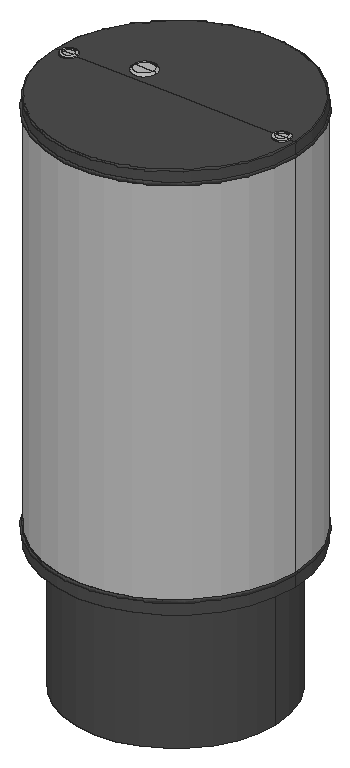
Revit family "Condensing-Storage-Water-Heater-Gas-AO_Smith-TWI-35-130_PN", category Mechanical Equipment, Revit 2014
Reference planes
  plane 1 "Center (Front/Back)": y = 0
  plane 2: z = 0
  plane 3 "Center (Left/Right)": x = 0
Forms (mm)
  Revolve 1, solid, material "RAL 9005"
    sketch origin (0, 0, 0) x (1, 0, 0) y (0, 0, 1)
      loop
        line (0, 1230.694) -> (-277.019, 1230.694)
        arc (-277.019, 1230.694) -> (-278.703, 1229.997) -> (-279.4, 1228.313) r 2.381
        line (-279.4, 1228.313) -> (-279.4, 1206.258)
        arc (-279.4, 1206.258) -> (-282.593, 1203.065) -> (-279.4, 1199.872) r 3.193
        line (-279.4, 1199.872) -> (0, 1199.872) -> (0, 1230.694)
      axis (0, 1230.694) -> (0, 1199.872)
    angle from 0 to 360
  Revolve 2, solid, material "RAL 9005"
    sketch origin (0, 0, 0) x (1, 0, 0) y (0, 0, 1)
      loop
        line (0, 0) -> (0, 336.272) -> (-279.4, 336.272)
        arc (-279.4, 336.272) -> (-282.575, 333.097) -> (-279.4, 329.922) r 3.175
        line (-279.4, 329.922) -> (-279.4, 304.292) -> (-233.686, 304.292) -> (-233.686, 0) -> (0, 0)
      axis (0, 0) -> (0, 336.272)
    angle from 0 to 360
  Revolve 3, solid, material "RAL 9006"
    sketch origin (1.311, 0, 0) x (1, 0, 0) y (0, 0, 1)
      loop
        line (-278.86, 1199.872) -> (-278.86, 336.272) -> (0, 336.272) -> (0, 1199.872) -> (-278.86, 1199.872)
      axis (0, 1199.872) -> (0, 336.272)
    angle from 0 to 360
  Revolve 4, solid, material "RAL 9006"
    sketch origin (9.171, 39.723, 0) x (1, 0, 0) y (0, 0, 1)
      loop
        line (-139.961, 1230.731) -> (-112.873, 1230.731) -> (-112.873, 1233.459) -> (-135.199, 1233.459) -> (-135.199, 1234.795) -> (-139.961, 1230.731)
      axis (-112.873, 1230.731) -> (-112.873, 1234.795)
    angle from 0 to 360
  Revolve 5, solid, material "RAL 9006"
    sketch origin (9.205, 0, -7.788) x (1, 0, 0) y (0, 0, 1)
      loop
        line (-275.142, 1238.255) -> (-256.879, 1238.255) -> (-256.879, 1239.995) -> (-269.736, 1239.995) -> (-269.736, 1241.119) -> (-275.142, 1239.957) -> (-275.142, 1238.255)
      axis (-256.879, 1238.255) -> (-256.879, 1241.119)
    angle from 0 to 360
  Revolve 6, solid, material "RAL 9006"
    sketch origin (-9.205, 0, -7.788) x (-1, 0, 0) y (0, 0, 1)
      loop
        line (-275.142, 1238.255) -> (-256.879, 1238.255) -> (-256.879, 1239.995) -> (-269.736, 1239.995) -> (-269.736, 1241.119) -> (-275.142, 1239.957) -> (-275.142, 1238.255)
      axis (-256.879, 1238.255) -> (-256.879, 1241.119)
    angle from 0 to 360
  Extrusion 7, void
    sketch origin (9.207, 15.57, 145.168) x (-0.573576, -0.819152, 0) y (0, 0, 1)
      loop
        circle (0, 0) r 35
    from 191.954 to 319.17
  Extrusion 8, void
    sketch origin (167.828, 263.467, 23) x (0.939586, -0.342314, 0) y (0, 0, 1)
      loop
        arc (-60, 20) -> (-62.5, 17.5) -> (-60, 15) r 2.5
        line (-60, 15) -> (0, 15)
        arc (0, 15) -> (2.5, 17.5) -> (0, 20) r 2.5
        line (0, 20) -> (-60, 20)
    from 0 to 250
  Extrusion 9, void
    sketch origin (97.359, 289.141, 23) x (0.939586, -0.342314, 0) y (0, 0, 1)
      loop
        arc (-60, 20) -> (-62.5, 17.5) -> (-60, 15) r 2.5
        line (-60, 15) -> (0, 15)
        arc (0, 15) -> (2.5, 17.5) -> (0, 20) r 2.5
        line (0, 20) -> (-60, 20)
    from 0 to 250
  Extrusion 10, void
    sketch origin (167.828, 263.467, 40) x (0.939586, -0.342314, 0) y (0, 0, 1)
      loop
        arc (-60, 20) -> (-62.5, 17.5) -> (-60, 15) r 2.5
        line (-60, 15) -> (0, 15)
        arc (0, 15) -> (2.5, 17.5) -> (0, 20) r 2.5
        line (0, 20) -> (-60, 20)
    from 0 to 250
  Extrusion 11, void
    sketch origin (97.359, 289.141, 40) x (0.939586, -0.342314, 0) y (0, 0, 1)
      loop
        arc (-60, 20) -> (-62.5, 17.5) -> (-60, 15) r 2.5
        line (-60, 15) -> (0, 15)
        arc (0, 15) -> (2.5, 17.5) -> (0, 20) r 2.5
        line (0, 20) -> (-60, 20)
    from 0 to 250
  Extrusion 12, void
    sketch origin (167.828, 263.467, 56.961) x (0.939586, -0.342314, 0) y (0, 0, 1)
      loop
        arc (-60, 20) -> (-62.5, 17.5) -> (-60, 15) r 2.5
        line (-60, 15) -> (0, 15)
        arc (0, 15) -> (2.5, 17.5) -> (0, 20) r 2.5
        line (0, 20) -> (-60, 20)
    from 0 to 250
  Extrusion 13, void
    sketch origin (97.359, 289.141, 56.961) x (0.939586, -0.342314, 0) y (0, 0, 1)
      loop
        arc (-60, 20) -> (-62.5, 17.5) -> (-60, 15) r 2.5
        line (-60, 15) -> (0, 15)
        arc (0, 15) -> (2.5, 17.5) -> (0, 20) r 2.5
        line (0, 20) -> (-60, 20)
    from 0 to 250
  Extrusion 14, void
    sketch origin (167.828, 263.467, 71.961) x (0.939586, -0.342314, 0) y (0, 0, 1)
      loop
        arc (-60, 20) -> (-62.5, 17.5) -> (-60, 15) r 2.5
        line (-60, 15) -> (0, 15)
        arc (0, 15) -> (2.5, 17.5) -> (0, 20) r 2.5
        line (0, 20) -> (-60, 20)
    from 0 to 250
  Extrusion 15, void
    sketch origin (97.359, 289.141, 71.961) x (0.939586, -0.342314, 0) y (0, 0, 1)
      loop
        arc (-60, 20) -> (-62.5, 17.5) -> (-60, 15) r 2.5
        line (-60, 15) -> (0, 15)
        arc (0, 15) -> (2.5, 17.5) -> (0, 20) r 2.5
        line (0, 20) -> (-60, 20)
    from 0 to 250
  Extrusion 16, void
    sketch origin (167.828, 263.467, 86.961) x (0.939586, -0.342314, 0) y (0, 0, 1)
      loop
        arc (-60, 20) -> (-62.5, 17.5) -> (-60, 15) r 2.5
        line (-60, 15) -> (0, 15)
        arc (0, 15) -> (2.5, 17.5) -> (0, 20) r 2.5
        line (0, 20) -> (-60, 20)
    from 0 to 250
  Extrusion 17, void
    sketch origin (97.359, 289.141, 86.961) x (0.939586, -0.342314, 0) y (0, 0, 1)
      loop
        arc (-60, 20) -> (-62.5, 17.5) -> (-60, 15) r 2.5
        line (-60, 15) -> (0, 15)
        arc (0, 15) -> (2.5, 17.5) -> (0, 20) r 2.5
        line (0, 20) -> (-60, 20)
    from 0 to 250
  Extrusion 18, void, not visible
    sketch origin (67.5, 0, 23) x (1, 0, 0) y (0, 0, 1)
      loop
        arc (-60, 20) -> (-62.5, 17.5) -> (-60, 15) r 2.5
        line (-60, 15) -> (0, 15)
        arc (0, 15) -> (2.5, 17.5) -> (0, 20) r 2.5
        line (0, 20) -> (-60, 20)
    from 0 to 250
  Extrusion 19, void, not visible
    sketch origin (-7.5, 0, 23) x (1, 0, 0) y (0, 0, 1)
      loop
        arc (-60, 20) -> (-62.5, 17.5) -> (-60, 15) r 2.5
        line (-60, 15) -> (0, 15)
        arc (0, 15) -> (2.5, 17.5) -> (0, 20) r 2.5
        line (0, 20) -> (-60, 20)
    from 0 to 250
  Extrusion 20, void, not visible
    sketch origin (67.5, 0, 40) x (1, 0, 0) y (0, 0, 1)
      loop
        arc (-60, 20) -> (-62.5, 17.5) -> (-60, 15) r 2.5
        line (-60, 15) -> (0, 15)
        arc (0, 15) -> (2.5, 17.5) -> (0, 20) r 2.5
        line (0, 20) -> (-60, 20)
    from 0 to 250
  Extrusion 21, void, not visible
    sketch origin (-7.5, 0, 40) x (1, 0, 0) y (0, 0, 1)
      loop
        arc (-60, 20) -> (-62.5, 17.5) -> (-60, 15) r 2.5
        line (-60, 15) -> (0, 15)
        arc (0, 15) -> (2.5, 17.5) -> (0, 20) r 2.5
        line (0, 20) -> (-60, 20)
    from 0 to 250
  Extrusion 22, void, not visible
    sketch origin (67.5, 0, 56.961) x (1, 0, 0) y (0, 0, 1)
      loop
        arc (-60, 20) -> (-62.5, 17.5) -> (-60, 15) r 2.5
        line (-60, 15) -> (0, 15)
        arc (0, 15) -> (2.5, 17.5) -> (0, 20) r 2.5
        line (0, 20) -> (-60, 20)
    from 0 to 250
  Extrusion 23, void, not visible
    sketch origin (-7.5, 0, 56.961) x (1, 0, 0) y (0, 0, 1)
      loop
        arc (-60, 20) -> (-62.5, 17.5) -> (-60, 15) r 2.5
        line (-60, 15) -> (0, 15)
        arc (0, 15) -> (2.5, 17.5) -> (0, 20) r 2.5
        line (0, 20) -> (-60, 20)
    from 0 to 250
  Extrusion 24, void, not visible
    sketch origin (67.5, 0, 71.961) x (1, 0, 0) y (0, 0, 1)
      loop
        arc (-60, 20) -> (-62.5, 17.5) -> (-60, 15) r 2.5
        line (-60, 15) -> (0, 15)
        arc (0, 15) -> (2.5, 17.5) -> (0, 20) r 2.5
        line (0, 20) -> (-60, 20)
    from 0 to 250
  Extrusion 25, void, not visible
    sketch origin (-7.5, 0, 71.961) x (1, 0, 0) y (0, 0, 1)
      loop
        arc (-60, 20) -> (-62.5, 17.5) -> (-60, 15) r 2.5
        line (-60, 15) -> (0, 15)
        arc (0, 15) -> (2.5, 17.5) -> (0, 20) r 2.5
        line (0, 20) -> (-60, 20)
    from 0 to 250
  Extrusion 26, void, not visible
    sketch origin (67.5, 0, 86.961) x (1, 0, 0) y (0, 0, 1)
      loop
        arc (-60, 20) -> (-62.5, 17.5) -> (-60, 15) r 2.5
        line (-60, 15) -> (0, 15)
        arc (0, 15) -> (2.5, 17.5) -> (0, 20) r 2.5
        line (0, 20) -> (-60, 20)
    from 0 to 250
  Extrusion 27, void, not visible
    sketch origin (-7.5, 0, 86.961) x (1, 0, 0) y (0, 0, 1)
      loop
        arc (-60, 20) -> (-62.5, 17.5) -> (-60, 15) r 2.5
        line (-60, 15) -> (0, 15)
        arc (0, 15) -> (2.5, 17.5) -> (0, 20) r 2.5
        line (0, 20) -> (-60, 20)
    from 0 to 250
  Extrusion 28, void
    sketch origin (-41.336, 309.633, 193) x (0.939196, 0.343381, 0) y (0, 0, 1)
      loop
        arc (-60, 20) -> (-62.5, 17.5) -> (-60, 15) r 2.5
        line (-60, 15) -> (0, 15)
        arc (0, 15) -> (2.5, 17.5) -> (0, 20) r 2.5
        line (0, 20) -> (-60, 20)
    from 0 to 250
  Extrusion 29, void
    sketch origin (-111.775, 283.879, 193) x (0.939196, 0.343381, 0) y (0, 0, 1)
      loop
        arc (-60, 20) -> (-62.5, 17.5) -> (-60, 15) r 2.5
        line (-60, 15) -> (0, 15)
        arc (0, 15) -> (2.5, 17.5) -> (0, 20) r 2.5
        line (0, 20) -> (-60, 20)
    from 0 to 250
  Extrusion 30, void
    sketch origin (-41.336, 309.633, 210) x (0.939196, 0.343381, 0) y (0, 0, 1)
      loop
        arc (-60, 20) -> (-62.5, 17.5) -> (-60, 15) r 2.5
        line (-60, 15) -> (0, 15)
        arc (0, 15) -> (2.5, 17.5) -> (0, 20) r 2.5
        line (0, 20) -> (-60, 20)
    from 0 to 250
  Extrusion 31, void
    sketch origin (-111.775, 283.879, 210) x (0.939196, 0.343381, 0) y (0, 0, 1)
      loop
        arc (-60, 20) -> (-62.5, 17.5) -> (-60, 15) r 2.5
        line (-60, 15) -> (0, 15)
        arc (0, 15) -> (2.5, 17.5) -> (0, 20) r 2.5
        line (0, 20) -> (-60, 20)
    from 0 to 250
  Extrusion 32, void
    sketch origin (-41.336, 309.633, 226.961) x (0.939196, 0.343381, 0) y (0, 0, 1)
      loop
        arc (-60, 20) -> (-62.5, 17.5) -> (-60, 15) r 2.5
        line (-60, 15) -> (0, 15)
        arc (0, 15) -> (2.5, 17.5) -> (0, 20) r 2.5
        line (0, 20) -> (-60, 20)
    from 0 to 250
  Extrusion 33, void
    sketch origin (-111.775, 283.879, 226.961) x (0.939196, 0.343381, 0) y (0, 0, 1)
      loop
        arc (-60, 20) -> (-62.5, 17.5) -> (-60, 15) r 2.5
        line (-60, 15) -> (0, 15)
        arc (0, 15) -> (2.5, 17.5) -> (0, 20) r 2.5
        line (0, 20) -> (-60, 20)
    from 0 to 250
  Extrusion 34, void
    sketch origin (-41.336, 309.633, 241.961) x (0.939196, 0.343381, 0) y (0, 0, 1)
      loop
        arc (-60, 20) -> (-62.5, 17.5) -> (-60, 15) r 2.5
        line (-60, 15) -> (0, 15)
        arc (0, 15) -> (2.5, 17.5) -> (0, 20) r 2.5
        line (0, 20) -> (-60, 20)
    from 0 to 250
  Extrusion 35, void
    sketch origin (-111.775, 283.879, 241.961) x (0.939196, 0.343381, 0) y (0, 0, 1)
      loop
        arc (-60, 20) -> (-62.5, 17.5) -> (-60, 15) r 2.5
        line (-60, 15) -> (0, 15)
        arc (0, 15) -> (2.5, 17.5) -> (0, 20) r 2.5
        line (0, 20) -> (-60, 20)
    from 0 to 250
  Extrusion 36, void
    sketch origin (-41.336, 309.633, 256.961) x (0.939196, 0.343381, 0) y (0, 0, 1)
      loop
        arc (-60, 20) -> (-62.5, 17.5) -> (-60, 15) r 2.5
        line (-60, 15) -> (0, 15)
        arc (0, 15) -> (2.5, 17.5) -> (0, 20) r 2.5
        line (0, 20) -> (-60, 20)
    from 0 to 250
  Extrusion 37, void
    sketch origin (-111.775, 283.879, 256.961) x (0.939196, 0.343381, 0) y (0, 0, 1)
      loop
        arc (-60, 20) -> (-62.5, 17.5) -> (-60, 15) r 2.5
        line (-60, 15) -> (0, 15)
        arc (0, 15) -> (2.5, 17.5) -> (0, 20) r 2.5
        line (0, 20) -> (-60, 20)
    from 0 to 250
Cuts and joins
  Extrusion 7, Extrusion 8, Extrusion 9, Extrusion 10, Extrusion 11, Extrusion 12, Extrusion 13, Extrusion 14, Extrusion 15, Extrusion 16, Extrusion 17, Extrusion 28, Extrusion 29, Extrusion 30, Extrusion 31, Extrusion 32, Extrusion 33, Extrusion 34, Extrusion 35, Extrusion 36, Extrusion 37 cuts Revolve 2
Dimensions and locks
  aligned and locked: level to plane 2
